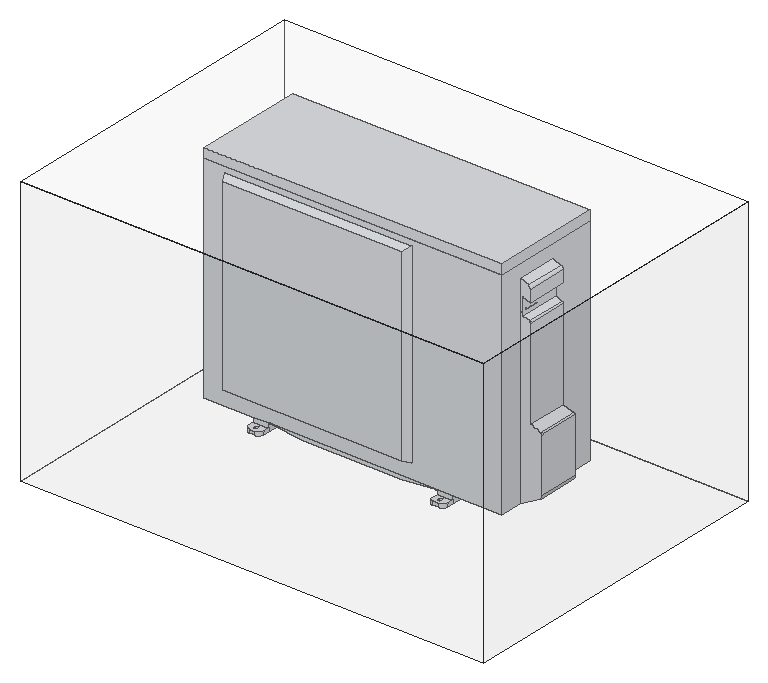
Revit family "puz-ermp40_63ska15_60hz", category 機械設備, Revit 2019 (continued)
Definition of nested family "PUZ-EZRMP-1"
  Lines and regions (mm)
    model lines, visible <- "タイプ1", detail levels fine
      curve 341: arc (-404.5, -100, 64) -> (-404.5, -98.536, 60.464) -> (-404.5, -95, 59) r 5
    model lines, visible <- "タイプ3", not visible
      curve 342: line (-404.5, -100, 907) -> (-404.5, -60, 907)
      curve 343: line (-404.5, -100, 1097) -> (-404.5, -100, 907)
      curve 344: line (-404.5, -60, 1097) -> (-404.5, -100, 1097)
      curve 345: line (-404.5, -60, 907) -> (-404.5, -60, 1097)
      curve 346: line (-404.5, 60, 907) -> (-404.5, 100, 907)
      curve 347: line (-404.5, 60, 1097) -> (-404.5, 60, 907)
      curve 348: line (-404.5, 100, 1097) -> (-404.5, 60, 1097)
      curve 349: line (-404.5, 100, 907) -> (-404.5, 100, 1097)
      curve 350: line (-404.5, -46.667, 907) -> (-404.5, -6.667, 907)
      curve 351: line (-404.5, -46.667, 1097) -> (-404.5, -46.667, 907)
      curve 352: line (-404.5, -6.667, 1097) -> (-404.5, -46.667, 1097)
      curve 353: line (-404.5, -6.667, 907) -> (-404.5, -6.667, 1097)
      curve 354: line (-404.5, 6.667, 907) -> (-404.5, 46.667, 907)
      curve 355: line (-404.5, 6.667, 1097) -> (-404.5, 6.667, 907)
      curve 356: line (-404.5, 46.667, 1097) -> (-404.5, 6.667, 1097)
      curve 357: line (-404.5, 46.667, 907) -> (-404.5, 46.667, 1097)
      curve 358: line (-404.5, -100, 1112) -> (-404.5, -60, 1112)
      curve 359: line (-404.5, -100, 1302) -> (-404.5, -100, 1112)
      curve 360: line (-404.5, -60, 1302) -> (-404.5, -100, 1302)
      curve 361: line (-404.5, -60, 1112) -> (-404.5, -60, 1302)
      curve 362: line (-404.5, 60, 1112) -> (-404.5, 100, 1112)
      curve 363: line (-404.5, 60, 1302) -> (-404.5, 60, 1112)
      curve 364: line (-404.5, 100, 1302) -> (-404.5, 60, 1302)
      curve 365: line (-404.5, 100, 1112) -> (-404.5, 100, 1302)
      curve 366: line (-404.5, -46.667, 1112) -> (-404.5, -6.667, 1112)
      curve 367: line (-404.5, -46.667, 1302) -> (-404.5, -46.667, 1112)
      curve 368: line (-404.5, -6.667, 1302) -> (-404.5, -46.667, 1302)
      curve 369: line (-404.5, -6.667, 1112) -> (-404.5, -6.667, 1302)
      curve 370: line (-404.5, 6.667, 1112) -> (-404.5, 46.667, 1112)
      curve 371: line (-404.5, 6.667, 1302) -> (-404.5, 6.667, 1112)
      curve 372: line (-404.5, 46.667, 1302) -> (-404.5, 6.667, 1302)
      curve 373: line (-404.5, 46.667, 1112) -> (-404.5, 46.667, 1302)
    model lines, visible <- "タイプ2", not visible
      curve 374: line (-600, -100, 33.5) -> (-600, -60, 33.5)
      curve 375: line (-600, -100, 73.5) -> (-600, -100, 33.5)
      curve 376: line (-600, -60, 73.5) -> (-600, -100, 73.5)
      curve 377: line (-600, -60, 33.5) -> (-600, -60, 73.5)
      curve 378: line (-600, 60, 33.5) -> (-600, 100, 33.5)
      curve 379: line (-600, 60, 73.5) -> (-600, 60, 33.5)
      curve 380: line (-600, 100, 73.5) -> (-600, 60, 73.5)
      curve 381: line (-600, 100, 33.5) -> (-600, 100, 73.5)
      curve 382: line (-509, -46.667, 33.5) -> (-509, -6.667, 33.5)
      curve 383: line (-509, -46.667, 73.5) -> (-509, -46.667, 33.5)
      curve 384: line (-509, -6.667, 73.5) -> (-509, -46.667, 73.5)
      curve 385: line (-509, -6.667, 33.5) -> (-509, -6.667, 73.5)
      curve 386: line (-509, 6.667, 33.5) -> (-509, 46.667, 33.5)
      curve 387: line (-509, 6.667, 73.5) -> (-509, 6.667, 33.5)
      curve 388: line (-509, 46.667, 73.5) -> (-509, 6.667, 73.5)
      curve 389: line (-509, 46.667, 33.5) -> (-509, 46.667, 73.5)
      curve 483: line (-404.5, -100, 33.5) -> (-404.5, -60, 33.5)
      curve 484: line (-404.5, -100, 73.5) -> (-404.5, -100, 33.5)
      curve 485: line (-404.5, -60, 73.5) -> (-404.5, -100, 73.5)
      curve 486: line (-404.5, -60, 33.5) -> (-404.5, -60, 73.5)
      curve 487: line (-404.5, 60, 33.5) -> (-404.5, 100, 33.5)
      curve 488: line (-404.5, 60, 73.5) -> (-404.5, 60, 33.5)
      curve 489: line (-404.5, 100, 73.5) -> (-404.5, 60, 73.5)
      curve 490: line (-404.5, 100, 33.5) -> (-404.5, 100, 73.5)
      curve 491: line (-404.5, -46.667, 33.5) -> (-404.5, -6.667, 33.5)
      curve 492: line (-404.5, -46.667, 73.5) -> (-404.5, -46.667, 33.5)
      curve 493: line (-404.5, -6.667, 73.5) -> (-404.5, -46.667, 73.5)
      curve 494: line (-404.5, -6.667, 33.5) -> (-404.5, -6.667, 73.5)
      curve 495: line (-404.5, 6.667, 33.5) -> (-404.5, 46.667, 33.5)
      curve 496: line (-404.5, 6.667, 73.5) -> (-404.5, 6.667, 33.5)
      curve 497: line (-404.5, 46.667, 73.5) -> (-404.5, 6.667, 73.5)
      curve 498: line (-404.5, 46.667, 33.5) -> (-404.5, 46.667, 73.5)
    model lines, not visible
      curve 390: line (-404.5, -100, 87) -> (-404.5, -60, 87)
      curve 391: line (-404.5, -100, 277) -> (-404.5, -100, 87)
      curve 392: line (-404.5, -60, 277) -> (-404.5, -100, 277)
      curve 393: line (-404.5, -60, 87) -> (-404.5, -60, 277)
      curve 394: line (-404.5, -100, 292) -> (-404.5, -60, 292)
      curve 395: line (-404.5, -100, 482) -> (-404.5, -100, 292)
      curve 396: line (-404.5, -60, 482) -> (-404.5, -100, 482)
      curve 397: line (-404.5, -60, 292) -> (-404.5, -60, 482)
      curve 398: line (-404.5, -100, 497) -> (-404.5, -60, 497)
      curve 399: line (-404.5, -100, 687) -> (-404.5, -100, 497)
      curve 400: line (-404.5, -60, 687) -> (-404.5, -100, 687)
      curve 401: line (-404.5, -60, 497) -> (-404.5, -60, 687)
      curve 402: line (-404.5, -100, 702) -> (-404.5, -60, 702)
      curve 403: line (-404.5, -100, 892) -> (-404.5, -100, 702)
      curve 404: line (-404.5, -60, 892) -> (-404.5, -100, 892)
      curve 405: line (-404.5, -60, 702) -> (-404.5, -60, 892)
      curve 406: line (-404.5, 60, 87) -> (-404.5, 100, 87)
      curve 407: line (-404.5, 60, 277) -> (-404.5, 60, 87)
      curve 408: line (-404.5, 100, 277) -> (-404.5, 60, 277)
      curve 409: line (-404.5, 100, 87) -> (-404.5, 100, 277)
      curve 410: line (-404.5, -46.667, 87) -> (-404.5, -6.667, 87)
      curve 411: line (-404.5, -46.667, 277) -> (-404.5, -46.667, 87)
      curve 412: line (-404.5, -6.667, 277) -> (-404.5, -46.667, 277)
      curve 413: line (-404.5, -6.667, 87) -> (-404.5, -6.667, 277)
      curve 414: line (-404.5, 6.667, 87) -> (-404.5, 46.667, 87)
      curve 415: line (-404.5, 6.667, 277) -> (-404.5, 6.667, 87)
      curve 416: line (-404.5, 46.667, 277) -> (-404.5, 6.667, 277)
      curve 417: line (-404.5, 46.667, 87) -> (-404.5, 46.667, 277)
      curve 418: line (-404.5, 60, 292) -> (-404.5, 100, 292)
      curve 419: line (-404.5, 60, 482) -> (-404.5, 60, 292)
      curve 420: line (-404.5, 100, 482) -> (-404.5, 60, 482)
      curve 421: line (-404.5, 100, 292) -> (-404.5, 100, 482)
      curve 422: line (-404.5, 60, 702) -> (-404.5, 100, 702)
      curve 423: line (-404.5, 60, 892) -> (-404.5, 60, 702)
      curve 424: line (-404.5, 100, 892) -> (-404.5, 60, 892)
      curve 425: line (-404.5, 100, 702) -> (-404.5, 100, 892)
      curve 426: line (-404.5, -46.667, 292) -> (-404.5, -6.667, 292)
      curve 427: line (-404.5, -46.667, 482) -> (-404.5, -46.667, 292)
      curve 428: line (-404.5, -6.667, 482) -> (-404.5, -46.667, 482)
      curve 429: line (-404.5, -6.667, 292) -> (-404.5, -6.667, 482)
      curve 430: line (-404.5, -46.667, 497) -> (-404.5, -6.667, 497)
      curve 431: line (-404.5, -46.667, 687) -> (-404.5, -46.667, 497)
      curve 432: line (-404.5, -6.667, 687) -> (-404.5, -46.667, 687)
      curve 433: line (-404.5, -6.667, 497) -> (-404.5, -6.667, 687)
      curve 434: line (-404.5, -46.667, 702) -> (-404.5, -6.667, 702)
      curve 435: line (-404.5, -46.667, 892) -> (-404.5, -46.667, 702)
      curve 436: line (-404.5, -6.667, 892) -> (-404.5, -46.667, 892)
      curve 437: line (-404.5, -6.667, 702) -> (-404.5, -6.667, 892)
      curve 438: line (-404.5, 6.667, 292) -> (-404.5, 46.667, 292)
      curve 439: line (-404.5, 6.667, 482) -> (-404.5, 6.667, 292)
      curve 440: line (-404.5, 46.667, 482) -> (-404.5, 6.667, 482)
      curve 441: line (-404.5, 46.667, 292) -> (-404.5, 46.667, 482)
      curve 442: line (-404.5, 6.667, 497) -> (-404.5, 46.667, 497)
      curve 443: line (-404.5, 6.667, 687) -> (-404.5, 6.667, 497)
      curve 444: line (-404.5, 46.667, 687) -> (-404.5, 6.667, 687)
      curve 445: line (-404.5, 46.667, 497) -> (-404.5, 46.667, 687)
      curve 446: line (-404.5, 6.667, 702) -> (-404.5, 46.667, 702)
      curve 447: line (-404.5, 6.667, 892) -> (-404.5, 6.667, 702)
      curve 448: line (-404.5, 46.667, 892) -> (-404.5, 6.667, 892)
      curve 449: line (-404.5, 46.667, 702) -> (-404.5, 46.667, 892)
      curve 450: line (-338.5, -173.2, 372.5) -> (149.5, -173.2, 372.5)
      curve 451: line (149.5, -173.2, 277.5) -> (-338.5, -173.2, 277.5)
      curve 452: line (-338.5, -173.2, 467.5) -> (149.5, -173.2, 467.5)
      curve 453: line (-338.5, -173.2, 562.5) -> (149.5, -173.2, 562.5)
      curve 454: line (149.5, -173.2, 182.5) -> (-338.5, -173.2, 182.5)
      curve 455: line (149.5, -173.2, 87.5) -> (-338.5, -173.2, 87.5)
      curve 456: line (-321.071, -173.2, 579) -> (-321.071, -173.2, 71)
      curve 457: line (132.071, -173.2, 71) -> (132.071, -173.2, 579)
      curve 458: line (-303.643, -173.2, 579) -> (-303.643, -173.2, 71)
      curve 459: line (-286.214, -173.2, 579) -> (-286.214, -173.2, 71)
      curve 460: line (-268.786, -173.2, 579) -> (-268.786, -173.2, 71)
      curve 461: line (-251.357, -173.2, 579) -> (-251.357, -173.2, 71)
      curve 462: line (-233.929, -173.2, 579) -> (-233.929, -173.2, 71)
      curve 463: line (-216.5, -173.2, 579) -> (-216.5, -173.2, 71)
      curve 464: line (-199.071, -173.2, 579) -> (-199.071, -173.2, 71)
      curve 465: line (-181.643, -173.2, 579) -> (-181.643, -173.2, 71)
      curve 466: line (-164.214, -173.2, 579) -> (-164.214, -173.2, 71)
      curve 467: line (-146.786, -173.2, 579) -> (-146.786, -173.2, 71)
      curve 468: line (-129.357, -173.2, 579) -> (-129.357, -173.2, 71)
      curve 469: line (-111.929, -173.2, 579) -> (-111.929, -173.2, 71)
      curve 470: line (-94.5, -173.2, 579) -> (-94.5, -173.2, 71)
      curve 471: line (-77.071, -173.2, 579) -> (-77.071, -173.2, 71)
      curve 472: line (-59.643, -173.2, 579) -> (-59.643, -173.2, 71)
      curve 473: line (-42.214, -173.2, 579) -> (-42.214, -173.2, 71)
      curve 474: line (-24.786, -173.2, 579) -> (-24.786, -173.2, 71)
      curve 475: line (-7.357, -173.2, 579) -> (-7.357, -173.2, 71)
      curve 476: line (10.071, -173.2, 579) -> (10.071, -173.2, 71)
      curve 477: line (27.5, -173.2, 579) -> (27.5, -173.2, 71)
      curve 478: line (44.929, -173.2, 579) -> (44.929, -173.2, 71)
      curve 479: line (62.357, -173.2, 579) -> (62.357, -173.2, 71)
      curve 480: line (79.786, -173.2, 579) -> (79.786, -173.2, 71)
      curve 481: line (97.214, -173.2, 579) -> (97.214, -173.2, 71)
      curve 482: line (114.643, -173.2, 579) -> (114.643, -173.2, 71)
    symbolic lines, visible <- "タイプ1"
      curve 499: line (-278.151, 150, 630) -> (-404.5, 150, 630)
      curve 500: line (-404.5, 150, 630) -> (-404.5, -5.599, 630)
      curve 501: line (-404.5, 40, 630) -> (-424.5, 30, 630)
      curve 502: line (-424.5, 30, 630) -> (-424.5, -30, 630)
      curve 503: line (-424.5, -30, 630) -> (-404.5, -40, 630)
      curve 504: line (-404.5, -5.599, 630) -> (-404.5, -150, 630)
      curve 505: line (-404.5, -150, 630) -> (-301.612, -150, 630)
      curve 506: arc (-272.806, -170, 630) -> (-268.124, -177.204, 630) -> (-260, -180, 630) r 13.2
      curve 507: line (-260, -180, 630) -> (-243.332, -180, 630)
      curve 508: arc (-243.332, -180, 630) -> (-235.208, -177.204, 630) -> (-230.526, -170, 630) r 13.2
      curve 509: line (-301.612, -150, 630) -> (280.999, -150, 630)
      curve 510: line (230, -150, 630) -> (230, -170, 630)
      curve 511: arc (230, -170, 630) -> (232.929, -177.071, 630) -> (240, -180, 630) r 10
      curve 512: line (240, -180, 630) -> (256.8, -180, 630)
      curve 513: arc (256.8, -180, 630) -> (266.134, -176.134, 630) -> (270, -166.8, 630) r 13.2
      curve 514: line (270, -166.8, 630) -> (270, -150, 630)
      curve 515: line (280.999, -150, 630) -> (404.5, -150, 630)
      curve 516: line (404.5, -150, 630) -> (404.5, -77.105, 630)
      curve 517: line (404.5, -90, 630) -> (466.5, -90, 630)
      curve 518: line (466.5, -90, 630) -> (466.5, 20, 630)
      curve 519: line (466.5, 20, 630) -> (404.5, 20, 630)
      curve 520: line (404.5, -77.105, 630) -> (404.5, 150, 630)
      curve 521: line (404.5, 150, 630) -> (308.975, 150, 630)
      curve 522: line (270, 150, 630) -> (270, 180, 630)
      curve 523: line (270, 180, 630) -> (230, 180, 630)
      curve 524: line (230, 180, 630) -> (230, 150, 630)
      curve 525: line (308.975, 150, 630) -> (-278.151, 150, 630)
      curve 526: line (-230, 150, 630) -> (-230, 180, 630)
      curve 527: line (-230, 180, 630) -> (-270, 180, 630)
      curve 528: line (-270, 180, 630) -> (-270, 150, 630)
      curve 529: line (-324.5, 100, 630) -> (324.5, 100, 630)
      curve 530: line (-324.5, 40, 630) -> (-324.5, 100, 630)
      curve 531: line (324.5, 40, 630) -> (-324.5, 40, 630)
      curve 532: line (324.5, 100, 630) -> (324.5, 40, 630)
      curve 533: line (324.5, 30, 630) -> (-324.5, 30, 630)
      curve 534: line (324.5, -30, 630) -> (324.5, 30, 630)
      curve 535: line (-324.5, -30, 630) -> (324.5, -30, 630)
      curve 536: line (-324.5, 30, 630) -> (-324.5, -30, 630)
      curve 537: line (-324.5, -40, 630) -> (324.5, -40, 630)
      curve 538: line (-324.5, -100, 630) -> (-324.5, -40, 630)
      curve 539: line (324.5, -100, 630) -> (-324.5, -100, 630)
      curve 540: line (324.5, -40, 630) -> (324.5, -100, 630)
      curve 541: line (339.5, 100, 630) -> (354.5, 100, 630)
      curve 542: line (339.5, -100, 630) -> (339.5, 100, 630)
      curve 543: line (354.5, -100, 630) -> (339.5, -100, 630)
      curve 544: line (354.5, 100, 630) -> (354.5, -100, 630)
      curve 545: line (-354.5, 100, 630) -> (-339.5, 100, 630)
      curve 546: line (-354.5, -100, 630) -> (-354.5, 100, 630)
      curve 547: line (-339.5, -100, 630) -> (-354.5, -100, 630)
      curve 548: line (-339.5, 100, 630) -> (-339.5, -100, 630)
      curve 549: line (-338.5, -170, 630) -> (149.5, -170, 630)
      curve 550: line (149.5, -170, 630) -> (159.5, -150, 630)
      curve 551: line (-348.5, -150, 630) -> (-338.5, -170, 630)
  Dimensions and locks
    equal spacing: plane 8, plane 1 "中心(正面/背面)", plane 7
    "奥行き": plane 8 to plane 7
    equal spacing: plane 5, plane 3 "中心(左/右)", plane 6
    "幅さ": plane 5 to plane 6
    "高さ": plane 4 to level
    locked: plane 6 to plane 9 at 62
    locked: plane 8 to plane 10 at 60
    locked: plane 8 to plane 11 at 170
    locked: plane 4 to plane 12 at 25
    locked: plane 13 to plane 5 at 20
    "吊りボルト-D": plane 17 to plane 16
    equal spacing: plane 17, plane 1 "中心(正面/背面)", plane 16
    equal spacing: plane 14, plane 3 "中心(左/右)", plane 15
    "吊りボルト-W": plane 14 to plane 15
    plane 21 to plane 14 to plane 20 = 20 mm locked, 20 mm locked
    plane 19 to plane 15 to plane 18 = 20 mm locked, 20 mm locked
    locked: plane 16 to plane 22 at 15
    locked: plane 23 to plane 17 at 15
    locked: plane 24 to level at 8.5
    locked: plane 25 to level at 20
    locked: plane 26 to plane 24 at 3
    locked: plane 4 to plane 29 at 5
    plane 7 to plane 1 "中心(正面/背面)" to plane 8 = 150 mm, 150 mm
    plane 31 to plane 1 "中心(正面/背面)" to plane 30 = 40 mm locked, 40 mm locked
    plane 33 to plane 1 "中心(正面/背面)" to plane 32 = 30 mm locked, 30 mm locked
    locked: plane 34 to plane 12 at 5
    locked: plane 35 to level at 55
    locked: plane 36 to level at 225
    equal spacing: plane 6, plane 39, plane 9
    locked: plane 6 to plane 38 at 10
    locked: plane 20 to plane 27 at 95
    locked: plane 28 to plane 19 at 95
    "換気-D": plane 40 to plane 8
    "換気-W": plane 41 to plane 5
    "換気-H1": plane 42 to level
    plane 43 to plane 41 to plane 44 = 254 mm locked, 254 mm locked
    plane 45 to plane 42 to plane 46 = 264 mm locked, 264 mm locked
    locked: plane 43 to plane 48 at 10
    locked: plane 47 to plane 44 at 10
    locked: plane 45 to plane 49 at 10
    locked: plane 50 to plane 46 at 10
    locked: curve 26 to plane 50 at 16.5
    locked: plane 49 to curve 24 at 16.5
    equal spacing: curve 24, curve 23, curve 21, curve 22, curve 25, curve 26
    equal spacing: plane 48, curve 28, curve 53, curve 52, curve 51, curve 50, curve 49, curve 48, curve 47, curve 46, curve 45, curve 44, curve 43, curve 42, curve 41, curve 40, curve 39, curve 38, curve 37, curve 36, curve 35, curve 34, curve 33, curve 32, curve 31, curve 30, curve 29, curve 27, plane 47
    locked: curve 4 to curve 6 at 10
    locked: curve 3 to curve 5 at 10
    locked: plane 51 to plane 7 at 50
    locked: plane 8 to plane 52 at 50
    equal spacing: group 1, group 2, group 3, group 4, group 5, group 6, group 7, group 8, group 9, group 10, group 11, group 12, group 13, group 14, group 15, group 16, group 17, group 18  (x2)
    equal spacing: group 18, group 17, group 16, group 15, group 14, group 13, group 12, group 11, group 10, group 9, group 8, group 7, group 6, group 5, group 4, group 3, group 2, group 1
    "ドレン管径-X": plane 5 to plane 53
    "ドレン管径-Y": plane 8 to plane 54
    "配線取出口-Y": plane 57 to plane 7
    "冷媒液管径-Y": plane 58 to plane 7
    "冷媒ガス管径-Y": plane 59 to plane 7
    "配線取出口-X": plane 3 "中心(左/右)" to plane 56
    "冷媒ガス管径-X": plane 3 "中心(左/右)" to plane 55
    "冷媒液管径-X": plane 3 "中心(左/右)" to plane 60
    "冷媒液管径-Z": plane 62 to level
    "冷媒ガス管径-Z": plane 61 to level
    "配線取出口-Z": plane 63 to level
    locked: plane 57 to plane 64 at 50
    locked: plane 65 to plane 61 at 37.8
    locked: plane 66 to plane 62 at 16.1
    equal spacing: plane 55, plane 67, plane 60
    equal spacing: plane 58, plane 68, plane 59
    "a": plane 69 "グループ" to plane 3 "中心(左/右)"
    plane 71 to level = 943 mm
    plane 70 to level = 1338 mm
    locked: plane 37 to level at 570
    curve 21 to plane 42 to curve 22 = 47.5 mm locked, 47.5 mm locked
    "換気-H2": plane 72 to plane 42
    plane 73 to plane 72 to plane 74 = 264 mm locked, 264 mm locked
    locked: plane 76 to plane 74 at 10
    locked: plane 73 to plane 75 at 10
    plane 48 to plane 47 = 488 mm
    plane 68 to plane 7 = 185.5 mm
    plane 61 to level = 99.5 mm
    plane 65 to plane 61 = 37.8 mm
    plane 62 to level = 164.5 mm
    plane 66 to plane 62 = 16.1 mm
    plane 68 to plane 77 to plane 78 = 23 mm locked, 17.5 mm locked
    plane 68 to plane 77 = 23 mm
    plane 77 to plane 78 = 17.5 mm
    equal spacing: plane 77, plane 79, plane 78
    "ドレン配管サイズ": diameter of Extrusion 3 sketch curve
    "配線取出口サイズ": diameter of Extrusion 9 sketch curve
    "吊りボルト-φ": diameter of Extrusion 10 sketch curve  (x4)
    "冷媒配管サイズ": diameter of Sweep 11 sketch curve
    "ガス配管サイズ": diameter of Sweep 12 sketch curve
    aligned and locked: level to plane 2
    aligned and locked: Extrusion 1 to level
    aligned and locked: plane 25 to Extrusion 1
    aligned and locked: Extrusion 2 sketch curve to plane 25
    aligned and locked: Extrusion 2 sketch curve to plane 26
    aligned and locked: Extrusion 2 to plane 7
    aligned and locked: plane 8 to Extrusion 2
    aligned and locked: Extrusion 3 to plane 26
    aligned and locked: Extrusion 3 to plane 24
    aligned and locked: Extrusion 4 sketch curve to plane 7
    aligned and locked: Extrusion 4 sketch curve to plane 8
    aligned and locked: Extrusion 4 sketch curve to plane 5
    aligned and locked: Extrusion 4 sketch curve to plane 6
    aligned and locked: Extrusion 4 to plane 25
    aligned and locked: plane 12 to Extrusion 4
    aligned and locked: Extrusion 5 sketch curve to Extrusion 4  (x4)
    aligned and locked: Extrusion 5 to plane 12
    aligned and locked: plane 4 to Extrusion 5
    aligned and locked: plane 29 to Blend 6 sketch curve
    aligned and locked: Blend 6 sketch curve to plane 31
    aligned and locked: Blend 6 sketch curve to plane 12  (x2)
    aligned and locked: plane 30 to Blend 6 sketch curve
    aligned and locked: plane 34 to Blend 6 sketch curve
    aligned and locked: Blend 6 sketch curve to plane 33
    aligned and locked: plane 32 to Blend 6 sketch curve
    aligned and locked: Blend 6 to plane 13
    aligned and locked: plane 5 to Blend 6
    aligned and locked: Extrusion 7 sketch curve to plane 6
    aligned and locked: Extrusion 7 sketch curve to plane 9
    aligned and locked: Extrusion 7 sketch curve to plane 39
    aligned and locked: Extrusion 7 sketch curve to Extrusion 7 sketch curve
    aligned and locked: Extrusion 7 sketch curve to plane 38
    aligned and locked: Extrusion 7 to plane 11
    aligned and locked: plane 10 to Extrusion 7
    aligned and locked: Blend 8 sketch curve to plane 45
    aligned and locked: Blend 8 sketch curve to plane 46
    aligned and locked: Blend 8 sketch curve to plane 44
    aligned and locked: Blend 8 sketch curve to plane 43
    aligned and locked: Blend 8 sketch curve to plane 49
    aligned and locked: Blend 8 sketch curve to plane 47
    aligned and locked: Blend 8 sketch curve to plane 48
    aligned and locked: Blend 8 sketch curve to plane 50
    aligned and locked: Blend 8 to plane 8
    aligned and locked: plane 40 to Blend 8
    aligned and locked: curve 17 to plane 51
    aligned and locked: curve 1 to plane 51
    aligned and locked: plane 51 to curve 19
    aligned and locked: curve 18 to plane 52
    aligned and locked: plane 52 to curve 2
    aligned and locked: plane 52 to curve 20
    aligned and locked: plane 53 to Extrusion 3 sketch curve
    aligned and locked: plane 54 to Extrusion 3 sketch curve
    aligned and locked: plane 63 to Extrusion 9 sketch curve
    aligned and locked: plane 56 to Extrusion 9 sketch curve
    aligned and locked: plane 57 to Extrusion 9
    aligned and locked: Extrusion 9 to plane 64
    aligned and locked: plane 22 to Extrusion 10 sketch curve  (x4)
    aligned and locked: plane 21 to Extrusion 10 sketch curve
    aligned and locked: Extrusion 2 to Extrusion 10 sketch curve  (x2)
    aligned and locked: Extrusion 10 sketch curve to Extrusion 1  (x6)
    aligned and locked: plane 19 to Extrusion 10 sketch curve
    aligned and locked: Extrusion 10 sketch curve to plane 23  (x2)
    aligned and locked: Extrusion 10 sketch curve to plane 18
    aligned and locked: Extrusion 10 sketch curve to plane 20
    aligned and locked: plane 16 to Extrusion 10 sketch curve  (x2)
    aligned and locked: plane 14 to Extrusion 10 sketch curve  (x2)
    aligned and locked: plane 17 to Extrusion 10 sketch curve  (x2)
    aligned and locked: plane 15 to Extrusion 10 sketch curve  (x2)
    aligned and locked: level to Extrusion 10
    aligned and locked: plane 24 to Extrusion 10
    aligned and locked: Masking region 1 sketch curve to Extrusion 5  (x4)
    aligned and locked: Masking region 1 sketch curve to Blend 6  (x3)
    aligned and locked: Masking region 1 sketch curve to Extrusion 7  (x2)
    aligned and locked: Masking region 1 sketch curve to plane 9
    aligned and locked: Masking region 1 sketch curve to Extrusion 10  (x8)
    aligned and locked: Masking region 1 to curve 499
    aligned and locked: curve 500 to Masking region 1
    aligned and locked: curve 501 to Masking region 1
    aligned and locked: curve 502 to Masking region 1
    aligned and locked: curve 503 to Masking region 1
    aligned and locked: curve 504 to Masking region 1
    aligned and locked: curve 505 to Masking region 1
    aligned and locked: curve 506 to Masking region 1
    aligned and locked: curve 508 to Masking region 1
    aligned and locked: curve 510 to Masking region 1
    aligned and locked: curve 511 to Masking region 1
    aligned and locked: curve 513 to Masking region 1
    aligned and locked: Masking region 1 to curve 515
    aligned and locked: curve 516 to Masking region 1
    aligned and locked: curve 517 to Masking region 1
    aligned and locked: curve 518 to Masking region 1
    aligned and locked: curve 519 to Masking region 1
    aligned and locked: curve 520 to Masking region 1
    aligned and locked: curve 521 to Masking region 1
    aligned and locked: curve 522 to Masking region 1
    aligned and locked: curve 523 to Masking region 1
    aligned and locked: curve 524 to Masking region 1
    aligned and locked: curve 525 to Masking region 1
    aligned and locked: curve 526 to Masking region 1
    aligned and locked: curve 527 to Masking region 1
    aligned and locked: curve 528 to Masking region 1
    aligned and locked: curve 532 to curve 12
    aligned and locked: Masking region 1 sketch curve to curve 21
    aligned and locked: Masking region 1 sketch curve to Blend 8  (x2)
    aligned and locked: curve 549 to Blend 8
    aligned and locked: curve 550 to Blend 8
    aligned and locked: curve 551 to Blend 8
    aligned and locked: plane 78 to Sweep 12 sketch curve
    aligned and locked: plane 58 to Sweep 12 sketch curve
    aligned and locked: plane 77 to Sweep 11 sketch curve
    aligned and locked: plane 58 to Sweep 11 sketch curve
    aligned and locked: plane 61 to Sweep 12 sketch curve
  Automatic sketch dimensions
    Extrusion 2 sketch curve to plane 20 = 0 mm
    Extrusion 2 sketch curve to plane 27 = 0 mm
    Extrusion 2 sketch curve to plane 28 = 0 mm
    Extrusion 2 sketch curve to plane 19 = 0 mm
    Extrusion 7 sketch curve to plane 39 = 0 mm
    Extrusion 7 sketch curve to plane 25 = 0 mm
    Extrusion 7 sketch curve to plane 36 = 0 mm
    Extrusion 7 sketch curve to plane 37 = 0 mm
    Extrusion 7 sketch curve to Extrusion 7 sketch curve = 10 mm
    Extrusion 7 sketch curve to plane 39 = 6.58 mm
    Extrusion 7 sketch curve to Extrusion 7 sketch curve = 5 mm  (x2)
    plane 39 to Extrusion 7 sketch curve = 21 mm
    Extrusion 7 sketch curve to plane 39 = 3.29 mm
    Extrusion 7 sketch curve to plane 9 = 3.29 mm
    Extrusion 7 sketch curve to plane 35 = 2.87 mm
    Extrusion 7 sketch curve to Extrusion 7 sketch curve = 81.633 mm
    Extrusion 7 sketch curve to Extrusion 7 sketch curve = 30.244 mm
    Extrusion 7 sketch curve to Extrusion 7 sketch curve = 7.643 mm
    plane 7 to Extrusion 1 sketch curve = 0 mm  (x2)
    Extrusion 1 sketch curve to plane 18 = 0 mm
    plane 8 to Extrusion 1 sketch curve = 0 mm  (x2)
    Extrusion 1 sketch curve to plane 19 = 0 mm
    Extrusion 1 sketch curve to plane 20 = 0 mm
    Extrusion 1 sketch curve to plane 21 = 0 mm
    curve 383 to curve 384 = 40 mm
    curve 382 to curve 386 = 13.333 mm
    curve 386 to curve 386 = 40 mm
    curve 382 to curve 389 = 0 mm
    curve 382 to curve 384 = 40 mm
    curve 384 to curve 387 = 0 mm
    curve 375 to curve 376 = 40 mm
    curve 374 to curve 378 = 120 mm
    curve 378 to curve 378 = 40 mm
    curve 374 to curve 381 = 0 mm
    curve 374 to curve 376 = 40 mm
    curve 378 to curve 379 = 40 mm
    curve 25 to plane 47 = 0 mm
    curve 24 to plane 47 = 0 mm
    curve 22 to plane 47 = 0 mm
    curve 23 to plane 47 = 0 mm
    curve 26 to plane 47 = 0 mm
    curve 21 to plane 47 = 0 mm
    curve 24 to plane 48 = 0 mm
    curve 25 to plane 48 = 0 mm
    curve 26 to plane 48 = 0 mm
    curve 23 to plane 48 = 0 mm
    curve 22 to plane 48 = 0 mm
    curve 21 to plane 48 = 0 mm
    curve 37 to plane 50 = 0 mm
    curve 52 to plane 50 = 0 mm
    curve 51 to plane 50 = 0 mm
    curve 50 to plane 50 = 0 mm
    curve 49 to plane 50 = 0 mm
    curve 48 to plane 50 = 0 mm
    curve 47 to plane 50 = 0 mm
    curve 46 to plane 50 = 0 mm
    curve 45 to plane 50 = 0 mm
    curve 44 to plane 50 = 0 mm
    curve 43 to plane 50 = 0 mm
    curve 42 to plane 50 = 0 mm
    curve 41 to plane 50 = 0 mm
    curve 27 to plane 50 = 0 mm
    curve 28 to plane 50 = 0 mm
    curve 40 to plane 50 = 0 mm
    curve 39 to plane 50 = 0 mm
    curve 29 to plane 50 = 0 mm
    curve 38 to plane 50 = 0 mm
    curve 30 to plane 50 = 0 mm
    curve 53 to plane 50 = 0 mm
    curve 31 to plane 50 = 0 mm
    curve 36 to plane 50 = 0 mm
    curve 32 to plane 50 = 0 mm
    curve 35 to plane 50 = 0 mm
    curve 33 to plane 50 = 0 mm
    curve 34 to plane 50 = 0 mm
    curve 28 to plane 49 = 0 mm
    curve 41 to plane 49 = 0 mm
    curve 27 to plane 49 = 0 mm
    curve 42 to plane 49 = 0 mm
    curve 31 to plane 49 = 0 mm
    curve 40 to plane 49 = 0 mm
    curve 37 to plane 49 = 0 mm
    curve 39 to plane 49 = 0 mm
    curve 32 to plane 49 = 0 mm
    curve 45 to plane 49 = 0 mm
    curve 36 to plane 49 = 0 mm
    curve 46 to plane 49 = 0 mm
    curve 43 to plane 49 = 0 mm
    curve 47 to plane 49 = 0 mm
    curve 29 to plane 49 = 0 mm
    curve 48 to plane 49 = 0 mm
    curve 30 to plane 49 = 0 mm
    curve 49 to plane 49 = 0 mm
    curve 44 to plane 49 = 0 mm
    curve 50 to plane 49 = 0 mm
    curve 33 to plane 49 = 0 mm
    curve 51 to plane 49 = 0 mm
    curve 35 to plane 49 = 0 mm
    curve 52 to plane 49 = 0 mm
    curve 38 to plane 49 = 0 mm
    curve 53 to plane 49 = 0 mm
    curve 34 to plane 49 = 0 mm
    Masking region 1 sketch curve to plane 5 = 0 mm
    Masking region 1 sketch curve to plane 6 = 0 mm
    plane 7 to Masking region 1 sketch curve = 0 mm  (x2)
    Masking region 1 sketch curve to plane 15 = 10 mm
    Masking region 1 sketch curve to plane 19 = 0 mm
    plane 8 to Masking region 1 sketch curve = 0 mm  (x2)
    plane 32 to curve 535 = 0 mm
    plane 33 to curve 534 = 0 mm
    curve 541 to plane 56 = 45.5 mm
    curve 13 to curve 20 = 15 mm
    plane 18 to curve 535 = 54.5 mm
    curve 532 to curve 6 = 0 mm
    curve 537 to curve 5 = 0 mm
    plane 47 to curve 536 = 14 mm
    plane 47 to curve 538 = 14 mm
    plane 47 to curve 1 = 14 mm
    curve 16 to plane 47 = 1 mm
    curve 15 to plane 44 = 6 mm
    plane 1 "中心(正面/背面)" to curve 504 = 5.599 mm
    curve 528 to curve 499 = 8.151 mm
    curve 521 to curve 522 = 38.975 mm
    curve 516 to plane 10 = 12.895 mm
    curve 515 to curve 514 = 10.999 mm
    plane 40 to Masking region 1 sketch curve = 0 mm
    Masking region 1 sketch curve to plane 40 = 3.2 mm  (x2)
    Masking region 1 sketch curve to plane 14 = 10 mm
    Masking region 1 sketch curve to plane 20 = 0.526 mm
    curve 509 to plane 21 = 31.612 mm
    Sweep 12 sketch curve to plane 65 = 0 mm
    Sweep 11 sketch curve to plane 62 = 0 mm
    Sweep 11 sketch curve to plane 66 = 0 mm
    plane 40 to Extrusion 10 sketch curve = 0 mm
    plane 17 to Extrusion 10 sketch curve = 0 mm  (x2)
    Extrusion 10 sketch curve to Extrusion 10 sketch curve = 1.8 mm  (x3)
    plane 17 to Extrusion 10 sketch curve = 1.8 mm  (x2)
    Extrusion 10 sketch curve to Extrusion 10 sketch curve = 0 mm
    Sweep 11 sketch curve to plane 67 = 0 mm
    Sweep 11 sketch curve to profile plane = 0 mm
    Sweep 12 sketch curve to plane 67 = 0 mm
    Sweep 12 sketch curve to profile plane = 0 mm
Definition of nested family "固定点"
  Parameters (values of type "固定点")
    中心円 = if(W > 599 mm, 12 mm, 10 mm)  # 12 mm
    W = 1000 mm
    D = 1000 mm
  Reference planes
    plane 1 "中心(正面/背面)": y = 0
    plane 2: z = 0
    plane 3 "中心(左/右)": x = 0
    plane 4: x = 1000
    plane 5: y = 1000
  Lines and regions (mm)
    symbolic lines, detail levels fine
      curve 1: circle (0, 1000, 0) r 6 normal (0, 0, 1)
      curve 2: circle (0, 0, 0) r 6 normal (0, 0, 1)
      curve 3: circle (1000, 1000, 0) r 6 normal (0, 0, 1)
      curve 4: circle (1000, 0, 0) r 6 normal (0, 0, 1)
      curve 5: line (-200, 1000, 0) -> (1200, 1000, 0)
      curve 6: line (-200, 0, 0) -> (1200, 0, 0)
      curve 7: line (0, 1200, 0) -> (0, -200, 0)
      curve 8: line (1000, 1200, 0) -> (1000, -200, 0)
  Dimensions and locks
    "W": plane 3 "中心(左/右)" to plane 4
    "D": plane 1 "中心(正面/背面)" to plane 5
    "中心円": diameter of curve 1
    "中心円": diameter of curve 2
    "中心円": diameter of curve 3
    "中心円": diameter of curve 4
    aligned and locked: level to plane 2
    aligned and locked: plane 5 to curve 1
    aligned and locked: plane 3 "中心(左/右)" to curve 1
    aligned and locked: plane 3 "中心(左/右)" to curve 2
    aligned and locked: plane 1 "中心(正面/背面)" to curve 2
    aligned and locked: plane 4 to curve 3
    aligned and locked: plane 5 to curve 3
    aligned and locked: plane 1 "中心(正面/背面)" to curve 4
    aligned and locked: plane 4 to curve 4
    aligned and locked: plane 1 "中心(正面/背面)" to curve 6
    aligned and locked: curve 7 to plane 3 "中心(左/右)"
    aligned and locked: curve 8 to plane 4
  Automatic sketch dimensions
    curve 5 to plane 5 = 0 mm
    curve 6 to plane 3 "中心(左/右)" = 200 mm
    curve 5 to plane 3 "中心(左/右)" = 200 mm
    curve 4 to curve 6 = 200 mm
    curve 3 to curve 5 = 200 mm
    plane 1 "中心(正面/背面)" to curve 8 = 200 mm
    plane 1 "中心(正面/背面)" to curve 7 = 200 mm
    curve 3 to curve 8 = 200 mm
    curve 1 to curve 7 = 200 mm
Types (30, lengths in mm): name | 音響パワーレベル_暖房 (dB) | 音響パワーレベル_冷房 (dB) | 音響パワーレベル(dB) | 電動機出力_圧縮機 | 質量 | 製品質量 | 相 | 構成品番 | 極数 | 最小電線太さ_mm2 | 暖房能力 | 推奨ブレーカー容量 | 周波数 | 冷房能力
  室外機_PUZ-ERMP40SKA15 | 66 | 64 | 66 | 0.7 kW | 48.00 kg | 40.00 kg | 1 | "PUZ-ERMP40SKA15" | 1 | 3.5 | 4 kW | 20 A | 60 Hz | 3.6 kW
  室外機_PUZ-ERMP40KA15 | 66 | 64 | 66 | 0.7 kW | 45.60 kg | 38.00 kg | 3 | "PUZ-ERMP40KA15" | 3 | 2 | 4 kW | 15 A | 60 Hz | 3.6 kW
  室外機_PUZ-ERMP45SKA15 | 66 | 64 | 66 | 0.9 kW | 48.00 kg | 40.00 kg | 1 | "PUZ-ERMP45SKA15" | 1 | 3.5 | 4.5 kW | 20 A | 60 Hz | 4 kW
  室外機_PUZ-ERMP45KA15 | 66 | 64 | 66 | 0.9 kW | 45.60 kg | 38.00 kg | 3 | "PUZ-ERMP45KA15" | 3 | 2 | 4.5 kW | 15 A | 60 Hz | 4 kW
  室外機_PUZ-ERMP50SKA15 | 67 | 65 | 67 | 1 kW | 48.00 kg | 40.00 kg | 1 | "PUZ-ERMP50SKA15" | 1 | 3.5 | 5 kW | 20 A | 60 Hz | 4.5 kW
  室外機_PUZ-ERMP50KA15 | 67 | 65 | 67 | 1 kW | 45.60 kg | 38.00 kg | 3 | "PUZ-ERMP50KA15" | 3 | 2 | 5 kW | 15 A | 60 Hz | 4.5 kW
  室外機_PUZ-ERMP56SKA15 | 67 | 65 | 67 | 1.2 kW | 48.00 kg | 40.00 kg | 1 | "PUZ-ERMP56SKA15" | 1 | 3.5 | 5.6 kW | 20 A | 60 Hz | 5 kW
  室外機_PUZ-ERMP56KA15 | 67 | 65 | 67 | 1.2 kW | 45.60 kg | 38.00 kg | 3 | "PUZ-ERMP56KA15" | 3 | 2 | 5.6 kW | 15 A | 60 Hz | 5 kW
  室外機_PUZ-ERMP63SKA15 | 67 | 65 | 67 | 1.3 kW | 48.00 kg | 40.00 kg | 1 | "PUZ-ERMP63SKA15" | 1 | 3.5 | 6.3 kW | 30 A | 60 Hz | 5.6 kW
  室外機_PUZ-ERMP63KA15 | 67 | 65 | 67 | 1.3 kW | 46.80 kg | 39.00 kg | 3 | "PUZ-ERMP63KA15" | 3 | 2 | 6.3 kW | 15 A | 60 Hz | 5.6 kW
  室外機_PUZ-ERMP63SKA15-BS | 67 | 65 | 67 | 1.3 kW | 48.00 kg | 40.00 kg | 1 | "PUZ-ERMP63SKA15-BS" | 1 | 3.5 | 6.3 kW | 30 A | 60 Hz | 5.6 kW
  室外機_PUZ-ERMP63SKA15-BSG | 67 | 65 | 67 | 1.3 kW | 48.00 kg | 40.00 kg | 1 | "PUZ-ERMP63SKA15-BSG" | 1 | 3.5 | 6.3 kW | 30 A | 60 Hz | 5.6 kW
  室外機_PUZ-ERMP63KA15-BS | 67 | 65 | 67 | 1.3 kW | 46.80 kg | 39.00 kg | 3 | "PUZ-ERMP63KA15-BS" | 3 | 2 | 6.3 kW | 15 A | 60 Hz | 5.6 kW
  室外機_PUZ-ERMP63KA15-BSG | 67 | 65 | 67 | 1.3 kW | 46.80 kg | 39.00 kg | 3 | "PUZ-ERMP63KA15-BSG" | 3 | 2 | 6.3 kW | 15 A | 60 Hz | 5.6 kW
  室外機_PUZ-ERMP56SKA15-BS | 67 | 65 | 67 | 1.2 kW | 48.00 kg | 40.00 kg | 1 | "PUZ-ERMP56SKA15-BS" | 1 | 3.5 | 5.6 kW | 20 A | 60 Hz | 5 kW
  室外機_PUZ-ERMP56SKA15-BSG | 67 | 65 | 67 | 1.2 kW | 48.00 kg | 40.00 kg | 1 | "PUZ-ERMP56SKA15-BSG" | 1 | 3.5 | 5.6 kW | 20 A | 60 Hz | 5 kW
  室外機_PUZ-ERMP56KA15-BS | 67 | 65 | 67 | 1.2 kW | 45.60 kg | 38.00 kg | 3 | "PUZ-ERMP56KA15-BS" | 3 | 2 | 5.6 kW | 15 A | 50 Hz | 5 kW
  室外機_PUZ-ERMP56KA15-BSG | 67 | 65 | 67 | 1.2 kW | 45.60 kg | 38.00 kg | 3 | "PUZ-ERMP56KA15-BSG" | 3 | 2 | 5.6 kW | 15 A | 60 Hz | 5 kW
  室外機_PUZ-ERMP50SKA15-BS | 67 | 65 | 67 | 1 kW | 48.00 kg | 40.00 kg | 1 | "PUZ-ERMP50SKA15-BS" | 1 | 3.5 | 5 kW | 20 A | 60 Hz | 4.5 kW
  室外機_PUZ-ERMP50SKA15-BSG | 67 | 65 | 67 | 1 kW | 48.00 kg | 40.00 kg | 1 | "PUZ-ERMP50SKA15-BSG" | 1 | 3.5 | 5 kW | 20 A | 60 Hz | 4.5 kW
  室外機_PUZ-ERMP50KA15-BS | 67 | 65 | 67 | 1 kW | 45.60 kg | 38.00 kg | 3 | "PUZ-ERMP50KA15-BS" | 3 | 2 | 5 kW | 15 A | 60 Hz | 4.5 kW
  室外機_PUZ-ERMP50KA15-BSG | 67 | 65 | 67 | 1 kW | 45.60 kg | 38.00 kg | 3 | "PUZ-ERMP50KA15-BSG" | 3 | 2 | 5 kW | 15 A | 60 Hz | 4.5 kW
  室外機_PUZ-ERMP45SKA15-BS | 66 | 64 | 66 | 0.9 kW | 48.00 kg | 40.00 kg | 1 | "PUZ-ERMP45SKA15-BS" | 1 | 3.5 | 4.5 kW | 20 A | 60 Hz | 4 kW
  室外機_PUZ-ERMP45SKA15-BSG | 66 | 64 | 66 | 0.9 kW | 48.00 kg | 40.00 kg | 1 | "PUZ-ERMP45SKA15-BSG" | 1 | 3.5 | 4.5 kW | 20 A | 60 Hz | 4 kW
  室外機_PUZ-ERMP45KA15-BS | 66 | 64 | 66 | 0.9 kW | 45.60 kg | 38.00 kg | 3 | "PUZ-ERMP45KA15-BS" | 3 | 2 | 4.5 kW | 15 A | 60 Hz | 4 kW
  室外機_PUZ-ERMP45KA15-BSG | 66 | 64 | 66 | 0.9 kW | 45.60 kg | 38.00 kg | 3 | "PUZ-ERMP45KA15-BSG" | 3 | 2 | 4.5 kW | 15 A | 60 Hz | 4 kW
  室外機_PUZ-ERMP40SKA15-BS | 66 | 64 | 66 | 0.7 kW | 48.00 kg | 40.00 kg | 1 | "PUZ-ERMP40SKA14-BS" | 1 | 3.5 | 4 kW | 20 A | 60 Hz | 3.6 kW
  室外機_PUZ-ERMP40SKA15-BSG | 66 | 64 | 66 | 0.7 kW | 48.00 kg | 40.00 kg | 1 | "PUZ-ERMP40SKA15-BSG" | 1 | 3.5 | 4 kW | 20 A | 60 Hz | 3.6 kW
  室外機_PUZ-ERMP40KA15-BS | 66 | 64 | 66 | 0.7 kW | 45.60 kg | 38.00 kg | 3 | "PUZ-ERMP40KA15-BS" | 3 | 2 | 4 kW | 15 A | 60 Hz | 3.6 kW
  室外機_PUZ-ERMP40KA15-BSG | 66 | 64 | 66 | 0.7 kW | 45.60 kg | 38.00 kg | 3 | "PUZ-ERMP40KA15-BSG" | 3 | 2 | 4 kW | 15 A | 60 Hz | 3.6 kW
